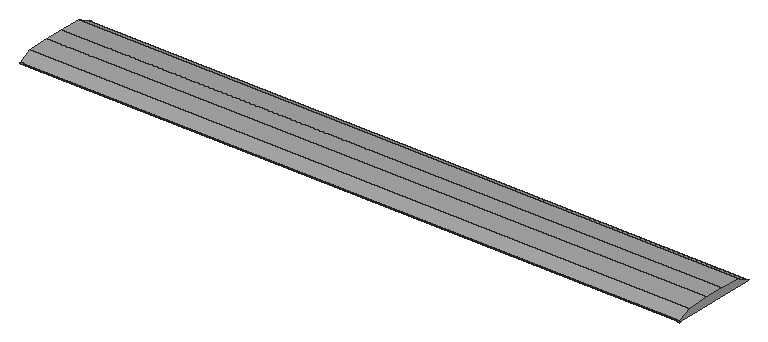
Revit family "FSR_Raceway_SW-T72", category Electrical Fixtures, Revit 2026
Family settings
  Round Connector Dimension = Use Diameter
  Part Type = Normal
  Cut with Voids When Loaded = No
  Maintain Annotation Orientation = No
  Shared = No
  Room Calculation Point = No
Parameters
  Manufacturer = "https://www.arcat.com/arcatcos/cos40/arc40389.html"  # constant formula
  built-in parameter 1001306 [instance] = 4' - 0"
  Default Elevation = 0' - 0"
Reference planes (in)
  plane 1 "Center (Front/Back)": y = 0
  plane 2: z = 0
  plane 3 "Left": x = 0
  plane 4 "Right": x = 48
Forms (in)
  Sweep 1, solid, material "ARCAT - FSR - Raceway"
    path origin (0, 0, 0) x (1, 0, 0) y (0, 1, 0)
      loop
        line (0, 0) -> (48, 0)
    profile "FSR_Profile : FSR_Profile" origin (24, 0, 0) x (0, 1, 0) y (0, 0, 1)
      loop
        line (-2.21437, 0.50536) -> (-3.0948, 0.07595)
        arc (-3.0948, 0.07595) -> (-3.11624, 0.031) -> (-3.07726, 0) r 0.04
        line (-3.07726, 0) -> (3.07278, 0)
        arc (3.07278, 0) -> (3.11273, 0.03185) -> (3.09075, 0.07792) r 0.041
        line (3.09075, 0.07792) -> (2.21437, 0.50536) -> (0.68786, 0.58002)
        arc (0.68786, 0.58002) -> (0, 0.59683) -> (-0.68786, 0.58002) r 14.08119
        line (-0.68786, 0.58002) -> (-2.21437, 0.50536)
Lines and regions (in)
  reference lines
    curve 1: line (0, 0, 0) -> (48, 0, 0)
    curve 2: line (0, 3.11378, 0) -> (0, -3.11726, 0)
    curve 3: line (48, 3.11378, 0) -> (48, -3.11726, 0)
Dimensions and locks (in)
  "built-in parameter 1001306": plane 3 "Left" to plane 4 "Right"
  aligned and locked: plane 4 "Right" to curve 1
  aligned and locked: plane 1 "Center (Front/Back)" to curve 1
  aligned and locked: plane 3 "Left" to curve 1
  aligned and locked: level to plane 2
  aligned and locked: plane 3 "Left" to Sweep 1 sketch curve
  aligned and locked: plane 4 "Right" to Sweep 1 sketch curve
  aligned and locked: plane 4 "Right" to Sweep 1
Automatic sketch dimensions
  plane 1 "Center (Front/Back)" to Sweep 1 sketch curve = 0' - 0"
  curve 2 to curve 1 = 0' - 3.11726"
  plane 1 "Center (Front/Back)" to curve 3 = 0' - 3.11726"
  curve 3 to plane 1 "Center (Front/Back)" = 0' - 3.11378"
  curve 2 to plane 1 "Center (Front/Back)" = 0' - 3.11378"
